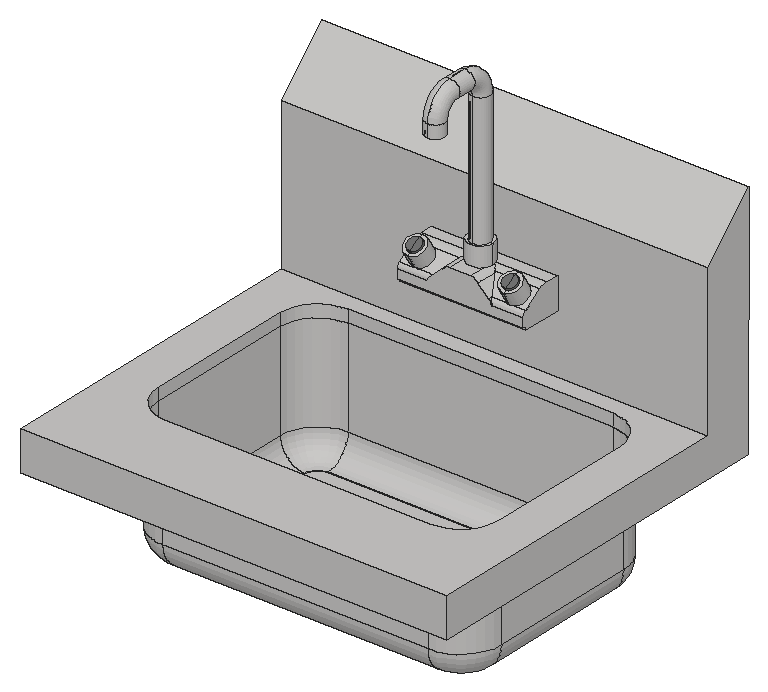
Revit family "QF_Vollrath_K1410-C", category Specialty Equipment, Revit 2016
Family settings
  Part Type = Normal
  Round Connector Dimension = Use Diameter
  OmniClass Number = 23.40.40.14.31
  OmniClass Title = Cleaning and Disposal Equipment
  Work Plane-Based = Yes
  Always vertical = Yes
  Cut with Voids When Loaded = No
  Shared = No
  Room Calculation Point = No
Parameters
  Width = 1' - 5"
  Weight in Pounds = 0
  Watermarked By = "http://revitwatermark.com"
  URL Cutsheet = ""
  Status [instance] = ""
  Specification by User [instance] = ""
  Specification by Manufacturer [instance] = ""
  Sink Width = 1' - 1 9/16"
  Sink Depth = 0' - 9 1/16"
  Sink Basin Depth = 0' - 5 1/2"
  Serial Number [instance] = ""
  Seismic Rating [instance] = ""
  SMACNA No [instance] = ""
  Revision Code [instance] = ""
  Plumbing Remarks [instance] = ""
  Plumbing Connection Type [instance] = ""
  NAFEM Spec ID Number [instance] = ""
  Model = "K1410-C"
  Masterspec [instance] = ""
  Manufacturer = "Vollrath"
  Item Number [instance] = "-"
  Installed By [instance] = ""
  Hot Water Temperature [instance] = 110 °F
  Hot Water Size = 1/2"
  Hot Water RI Height [instance] = 0' - 0"
  Hot Water Flow [instance] = 0.00 GPM
  Hot Water Consumption [instance] = 0.00 GPM
  Hot Water Connection Height [instance] = 0' - 0"
  Furnished By [instance] = ""
  Foodservice Equipment Identifier [instance] = yes
  Direct Waste Size = 2"
  Direct Waste RI Height [instance] = 0' - 0"
  Direct Waste Flow [instance] = 0.00 GPM
  Direct Waste Connection Height [instance] = 0' - 0"
  Description = "Wall-Mount Hand Sink"  # constant formula
  Depth = 1' - 3"
  Default Elevation = 4' - 0"
  Cold Water Size = 1/2"
  Cold Water RI Height [instance] = 0' - 0"
  Cold Water Flow [instance] = 0.00 GPM
  Cold Water Consumption [instance] = ""
  Cold Water Connection Height [instance] = 0' - 0"
  CSI MasterFormat = ""
Reference planes (in)
  plane 1 "BACK": y = 0
  plane 2 "BOTTOM": z = 0
  plane 3 "LEFT": x = 0
  plane 4 "RIGHT": x = 17
  plane 5 "FRONT": y = -15
  plane 6 "center 4": x = 8.5
  plane 7 "center": y = -7.25
  plane 8: y = -2
  plane 9 "center 3": y = -2.71875
  plane 10: y = -11.78125
  plane 11: x = 1.71875
  plane 12: x = 15.28125
  plane 13 "TOP": z = 8
  plane 14 "Sink Bottom": z = -5.5
  plane 15 "Bottom of Skirt": z = -1.5625
  plane 16 "PIPE 1": z = -7.5
  plane 17 "CENTER 1": x = 5.66667
  plane 18 "CENTER 2": x = 11.33333
  plane 19 "LEFT1": x = 6
  plane 20: x = 11
  plane 21 "FAUCET 1": z = 2.5
  plane 22: through (-240, -3.23915, 3.29975) normal (0, 0.848, 0.53)
  plane 23 "handle 1": x = 6.60093
  plane 24 "hsndle 2": x = 10.39907
Forms (in)
  Extrusion 1, solid, material "QF_Finishes_Stainless Steel"
    sketch origin (0, 0, -5.5) x (0, 1, 0) y (0, 0, 1)
      loop
        line (0, 13.5) -> (-2, 11.5) -> (-2, 3.9375) -> (0, 3.9375) -> (0, 13.5)
    from 0 to 17
  Extrusion 2, solid, material "QF_Finishes_Stainless Steel"
    sketch origin (0, 0, 0) x (1, 0, 0) y (0, 1, 0)
      loop
        line (0, -2) -> (0, -15) -> (17, -15) -> (17, -2) -> (0, -2)
      loop
        arc (3.21875, -2.71875) -> (2.15809, -3.15809) -> (1.71875, -4.21875) r 1.5
        line (1.71875, -4.21875) -> (1.71875, -10.28125)
        arc (1.71875, -10.28125) -> (2.15809, -11.34191) -> (3.21875, -11.78125) r 1.5
        line (3.21875, -11.78125) -> (13.78125, -11.78125)
        arc (13.78125, -11.78125) -> (14.84191, -11.34191) -> (15.28125, -10.28125) r 1.5
        line (15.28125, -10.28125) -> (15.28125, -4.21875)
        arc (15.28125, -4.21875) -> (14.84191, -3.15809) -> (13.78125, -2.71875) r 1.5
        line (13.78125, -2.71875) -> (3.21875, -2.71875)
    from 0 to -0.5
  Extrusion 3, void
    sketch origin (0, 0, -5.5) x (1, 0, 0) y (0, 0, 1)
      loop
        circle (10.5, 8.5) r 0.5
      loop
        circle (6.5, 8.5) r 0.5
    from 0 to 2
  Sweep 4, solid, material "QF_Finishes_Stainless Steel"
    path origin (0, 0, 0) x (1, 0, 0) y (0, 1, 0)
      loop
        arc (3.21875, -2.71875) -> (2.15809, -3.15809) -> (1.71875, -4.21875) r 1.5
        line (1.71875, -4.21875) -> (1.71875, -10.28125)
        arc (1.71875, -10.28125) -> (2.15809, -11.34191) -> (3.21875, -11.78125) r 1.5
        line (3.21875, -11.78125) -> (13.78125, -11.78125)
        arc (13.78125, -11.78125) -> (14.84191, -11.34191) -> (15.28125, -10.28125) r 1.5
        line (15.28125, -10.28125) -> (15.28125, -4.21875)
        arc (15.28125, -4.21875) -> (14.84191, -3.15809) -> (13.78125, -2.71875) r 1.5
        line (13.78125, -2.71875) -> (3.21875, -2.71875)
    profile origin (8.5, -2.71875, 0) x (0, 1, 0) y (0, 0, 1)
      loop
        line (0, -0.5) -> (0, -4.375)
        arc (0, -4.375) -> (-0.29289, -5.08211) -> (-1, -5.375) r 1
        line (-1, -5.375) -> (-1, -5.5)
        arc (-1, -5.5) -> (-0.2045, -5.1705) -> (0.125, -4.375) r 1.125
        line (0.125, -4.375) -> (0.125, -0.5) -> (0, -0.5)
  Extrusion 5, solid, material "QF_Finishes_Stainless Steel"
    sketch origin (0, 0, -5.5) x (-1, 0, 0) y (0, -1, 0)
      loop
        line (-13.78125, 3.71875) -> (-3.21875, 3.71875)
        arc (-3.21875, 3.71875) -> (-2.8652, 3.8652) -> (-2.71875, 4.21875) r 0.5
        line (-2.71875, 4.21875) -> (-2.71875, 10.28125)
        arc (-2.71875, 10.28125) -> (-2.8652, 10.6348) -> (-3.21875, 10.78125) r 0.5
        line (-3.21875, 10.78125) -> (-13.78125, 10.78125)
        arc (-13.78125, 10.78125) -> (-14.1348, 10.6348) -> (-14.28125, 10.28125) r 0.5
        line (-14.28125, 10.28125) -> (-14.28125, 4.21875)
        arc (-14.28125, 4.21875) -> (-14.1348, 3.8652) -> (-13.78125, 3.71875) r 0.5
      loop
        circle (-8.5, 7.25) r 1
    from 0 to 0.125
  Extrusion 6, solid, material "QF_Finishes_Stainless Steel"
    sketch origin (0, 0, -1.5625) x (-1, 0, 0) y (0, -1, 0)
      loop
        line (0, 2) -> (0, 15) -> (-17, 15) -> (-17, 2) -> (-16.75, 2) -> (-16.75, 14.75) -> (-0.25, 14.75) -> (-0.25, 2) -> (0, 2)
    from 0 to 1.0625
  Extrusion 7, solid, material "QF_Finishes_Stainless Steel"
    sketch origin (6, 0, 0) x (0, 1, 0) y (0, 0, 1)
      loop
        line (-2, 3.625) -> (-2.53209, 3.625)
        arc (-2.53209, 3.625) -> (-2.71152, 3.59978) -> (-2.87704, 3.52607) r 0.65086
        line (-2.87704, 3.52607) -> (-3.60125, 3.07344)
        arc (-3.60125, 3.07344) -> (-3.68741, 2.98263) -> (-3.71875, 2.86144) r 0.25
        line (-3.71875, 2.86144) -> (-3.71875, 2.5) -> (-3.59375, 2.5) -> (-3.59375, 2.375) -> (-2, 2.375) -> (-2, 3.625)
    from 0 to 5
  Extrusion 8, solid, material "QF_Finishes_Stainless Steel"
    sketch origin (0, 0, 0) x (1, 0, 0) y (0, 0, 1)
      loop
        arc (8.08041, 3.625) -> (7.91541, 3.59218) -> (7.77553, 3.49872) r 0.43115
        line (7.77553, 3.49872) -> (7.29307, 3.01626)
        arc (7.29307, 3.01626) -> (7.21525, 2.89979) -> (7.18792, 2.7624) r 0.35901
        line (7.18792, 2.7624) -> (7.18792, 2.5) -> (9.75013, 2.5) -> (9.75013, 2.80672)
        arc (9.75013, 2.80672) -> (9.72066, 2.95487) -> (9.63674, 3.08047) r 0.38715
        line (9.63674, 3.08047) -> (9.21488, 3.50233)
        arc (9.21488, 3.50233) -> (9.079, 3.59312) -> (8.91873, 3.625) r 0.41881
        line (8.91873, 3.625) -> (8.08041, 3.625)
    from 0 to 3.71875
  Revolve 9, solid, material "QF_Finishes_Stainless Steel"
    sketch origin (-10.68365, -2.71875, 48) x (-1, 0, 0) y (0, 0, 1)
      loop
        line (-19.18365, -44.375) -> (-18.68365, -44.375) -> (-18.68365, -43.625) -> (-18.80865, -43.625) -> (-18.80865, -43.75) -> (-19.18365, -43.75) -> (-19.18365, -44.375)
      axis (-19.18365, -43.625) -> (-19.18365, -44.375)
    angle from 0 to 360
  Sweep 10, solid, material "QF_Finishes_Stainless Steel"
    path origin (8.5, 0, 0) x (0, 1, 0) y (0, 0, 1)
      loop
        line (-2.71875, 4.375) -> (-2.71875, 9.625)
        arc (-2.71875, 9.625) -> (-2.93842, 10.15533) -> (-3.46875, 10.375) r 0.75
        line (-3.46875, 10.375) -> (-4.21875, 10.375)
        arc (-4.21875, 10.375) -> (-4.74908, 10.15533) -> (-4.96875, 9.625) r 0.75
        line (-4.96875, 9.625) -> (-4.96875, 9.125)
    profile origin (8.5, -2.71875, 7) x (0, -1, 0) y (1, 0, 0)
      loop
        circle (0, 0) r 0.375
      loop
        circle (0, 0) r 0.3125
  Revolve 11, solid, material "QF_Finishes_Stainless Steel"
    sketch origin (6.60093, 0, 0) x (0, 0, -1) y (0, -1, 0)
      loop
        line (-4.07897, 3.2226) -> (-3.52607, 2.87704) -> (-3.29975, 3.23915) -> (-3.74665, 3.51846) -> (-3.89887, 3.27492) -> (-4.00487, 3.34117) -> (-4.07897, 3.2226)
      axis (-3.85265, 3.58471) -> (-3.29975, 3.23915)
    angle from 0 to 360
  Revolve 12, solid, material "QF_Finishes_Stainless Steel"
    sketch origin (10.39907, 0, 0) x (0, 0, -1) y (0, -1, 0)
      loop
        line (-3.29975, 3.23915) -> (-3.74665, 3.51846) -> (-3.89887, 3.27492) -> (-4.00487, 3.34117) -> (-4.07899, 3.22257) -> (-3.52609, 2.87701) -> (-3.29975, 3.23915)
      axis (-3.29975, 3.23915) -> (-3.85265, 3.58471)
    angle from 0 to 360
  Revolve 13, solid, material "QF_Finishes_Rubber Black"
    sketch origin (6.60093, 0, 0) x (0, 0, -1) y (0, -1, 0)
      loop
        line (-3.85265, 3.58471) -> (-3.90565, 3.61783) -> (-4.05787, 3.37429) -> (-4.00487, 3.34117) -> (-3.85265, 3.58471)
      axis (-3.85265, 3.58471) -> (-3.90565, 3.61783)
    angle from 0 to 360
  Revolve 14, solid, material "QF_Finishes_Rubber Black"
    sketch origin (10.39907, 0, 0) x (0, 0, -1) y (0, -1, 0)
      loop
        line (-3.85265, 3.58471) -> (-3.90565, 3.61783) -> (-4.05787, 3.37429) -> (-4.00487, 3.34117) -> (-3.85265, 3.58471)
      axis (-3.85265, 3.58471) -> (-3.90565, 3.61783)
    angle from 0 to 360
Cuts and joins
  Extrusion 3 cuts Extrusion 1
  Extrusion 3 cuts Extrusion 2
  joined: Extrusion 1, Extrusion 2, Extrusion 6
  joined: Extrusion 7, Extrusion 8
Lines and regions (in)
  symbolic lines
    curve 1: line (0, 0, -1.5625) -> (17, 0, -1.5625)
    curve 2: line (0, -15, -1.5625) -> (0, 0, -1.5625)
    curve 3: line (17, -15, -1.5625) -> (0, -15, -1.5625)
    curve 4: line (17, 0, -1.5625) -> (17, -15, -1.5625)
  symbolic lines, style "QF_Surface Details"
    curve 5: line (0, -2, -1.5625) -> (17, -2, -1.5625)
    curve 6: line (13.78125, -2.71875, -1.5625) -> (3.21875, -2.71875, -1.5625)
    curve 7: arc (1.71875, -4.21875, -1.5625) -> (2.15809, -3.15809, -1.5625) -> (3.21875, -2.71875, -1.5625) r 1.5
    curve 8: line (1.71875, -4.21875, -1.5625) -> (1.71875, -10.28125, -1.5625)
    curve 9: arc (3.21875, -11.78125, -1.5625) -> (2.15809, -11.34191, -1.5625) -> (1.71875, -10.28125, -1.5625) r 1.5
    curve 10: line (3.21875, -11.78125, -1.5625) -> (13.78125, -11.78125, -1.5625)
    curve 11: arc (15.28125, -10.28125, -1.5625) -> (14.84191, -11.34191, -1.5625) -> (13.78125, -11.78125, -1.5625) r 1.5
    curve 12: line (15.28125, -10.28125, -1.5625) -> (15.28125, -4.21875, -1.5625)
    curve 13: arc (13.78125, -2.71875, -1.5625) -> (14.84191, -3.15809, -1.5625) -> (15.28125, -4.21875, -1.5625) r 1.5
    curve 14: circle (8.5, -7.25, -1.5625) r 1 normal (0, 0, -1)
Dimensions and locks (in)
  "Width": plane 3 "LEFT" to plane 4 "RIGHT"
  "Depth": plane 5 "FRONT" to plane 1 "BACK"
  locked: plane 8 to plane 1 "BACK" at 2
  equal spacing: plane 9 "center 3", plane 7 "center", plane 10
  "Sink Depth": plane 9 "center 3" to plane 10
  equal spacing: plane 3 "LEFT", plane 6 "center 4", plane 4 "RIGHT"
  equal spacing: plane 11, plane 6 "center 4", plane 12
  "Sink Width": plane 11 to plane 12
  locked: plane 13 "TOP" to level at 8
  "Sink Basin Depth": level to plane 14 "Sink Bottom"
  locked: Extrusion 1 sketch curve to plane 13 "TOP" at 2
  locked: Extrusion 3 sketch curve to level at 3  (x2)
  locked: Extrusion 3 sketch curve to plane 6 "center 4" at 2
  locked: plane 6 "center 4" to Extrusion 3 sketch curve at 2
  locked: level to plane 15 "Bottom of Skirt" at 1.5625
  locked: level to Sweep 4 sketch curve at 0.5
  locked: Sweep 4 sketch curve to plane 9 "center 3" at 0.125
  locked: plane 14 "Sink Bottom" to Sweep 4 sketch curve at 0.125
  plane 11 to plane 12 = 1' - 1 9/16"
  plane 9 "center 3" to plane 10 = 0' - 9 1/16"
  locked: plane 3 "LEFT" to Extrusion 6 sketch curve at 0.25
  locked: plane 5 "FRONT" to Extrusion 6 sketch curve at 0.25
  locked: Extrusion 6 sketch curve to plane 4 "RIGHT" at 0.25
  locked: plane 8 to plane 9 "center 3" at 0.71875
  equal spacing: plane 3 "LEFT", plane 17 "CENTER 1", plane 18 "CENTER 2", plane 4 "RIGHT"
  aligned and locked: level to plane 2 "BOTTOM"
  aligned and locked: plane 4 "RIGHT" to Extrusion 1
  aligned: plane 9 "center 3" to cut or joined group of Extrusion 1, Extrusion 2, Extrusion 3, Extrusion 6
  aligned and locked: Extrusion 3 to plane 8
  aligned and locked: plane 1 "BACK" to Extrusion 1 sketch curve
  aligned and locked: plane 8 to Extrusion 1 sketch curve
  aligned and locked: plane 3 "LEFT" to Extrusion 2 sketch curve
  aligned and locked: Extrusion 2 sketch curve to plane 8
  aligned and locked: Extrusion 2 sketch curve to plane 4 "RIGHT"
  aligned and locked: Extrusion 2 sketch curve to plane 5 "FRONT"
  aligned and locked: Extrusion 2 sketch curve to plane 9 "center 3"
  aligned and locked: plane 11 to Extrusion 2 sketch curve
  aligned and locked: plane 10 to Extrusion 2 sketch curve
  aligned and locked: Extrusion 2 sketch curve to plane 12
  aligned and locked: Sweep 4 sketch curve to plane 9 "center 3"
  aligned and locked: plane 11 to Sweep 4 sketch curve
  aligned and locked: plane 10 to Sweep 4 sketch curve
  aligned and locked: Sweep 4 sketch curve to plane 12
  aligned and locked: plane 9 "center 3" to Sweep 4 sketch curve
  aligned and locked: plane 14 "Sink Bottom" to Sweep 4 sketch curve
  aligned and locked: Extrusion 5 sketch curve to Sweep 4  (x4)
  aligned and locked: plane 8 to Extrusion 6 sketch curve  (x2)
  aligned and locked: plane 4 "RIGHT" to Extrusion 6 sketch curve
  aligned and locked: plane 5 "FRONT" to Extrusion 6 sketch curve
  aligned and locked: Extrusion 6 sketch curve to plane 3 "LEFT"
  aligned and locked: Extrusion 1 sketch curve to plane 15 "Bottom of Skirt"
  aligned and locked: plane 20 to Extrusion 7
  aligned and locked: Revolve 9 sketch curve to plane 6 "center 4"
Automatic sketch dimensions
  Extrusion 1 sketch curve to Extrusion 1 sketch curve = 0' - 2"
  plane 11 to Extrusion 2 sketch curve = 0' - 1 1/2"  (x2)
  plane 10 to Extrusion 2 sketch curve = 0' - 1 1/2"
  Extrusion 2 sketch curve to plane 12 = 0' - 1 1/2"
  plane 11 to Sweep 4 sketch curve = 0' - 1 1/2"  (x2)
  Sweep 4 sketch curve to plane 12 = 0' - 1 1/2"
  Sweep 4 sketch curve to plane 9 "center 3" = 0' - 1 1/2"
  Sweep 4 sketch curve to Sweep 4 sketch curve = 0' - 1"
  Extrusion 7 sketch curve to plane 8 = 0' - 0"
  plane 9 "center 3" to Extrusion 7 sketch curve = 0' - 0.18666"
  Extrusion 7 sketch curve to plane 9 "center 3" = 0' - 0.15829"
  Extrusion 7 sketch curve to plane 9 "center 3" = 0' - 0 3/4"
  Extrusion 7 sketch curve to Extrusion 7 sketch curve = 0' - 0 1/8"  (x2)
  Extrusion 7 sketch curve to Extrusion 7 sketch curve = 0' - 0.1325"
  Extrusion 7 sketch curve to Extrusion 7 sketch curve = 0' - 0.1175"
  level to Extrusion 7 sketch curve = 0' - 2 3/8"
  Extrusion 7 sketch curve to Extrusion 7 sketch curve = 0' - 0.36144"
  Extrusion 7 sketch curve to Extrusion 7 sketch curve = 0' - 0.59914"
  Extrusion 7 sketch curve to Extrusion 7 sketch curve = 0' - 0.55193"
  Extrusion 8 sketch curve to plane 21 "FAUCET 1" = 0' - 0"
  Extrusion 8 sketch curve to plane 6 "center 4" = 0' - 1.31208"
  Extrusion 8 sketch curve to Extrusion 8 sketch curve = 0' - 0.10515"
  Extrusion 8 sketch curve to Extrusion 8 sketch curve = 0' - 0.25386"
  Extrusion 8 sketch curve to Extrusion 8 sketch curve = 0' - 0.48246"
  Extrusion 8 sketch curve to plane 6 "center 4" = 0' - 0.41959"
  plane 6 "center 4" to Extrusion 8 sketch curve = 0' - 0.41873"
  Extrusion 8 sketch curve to Extrusion 8 sketch curve = 0' - 0.29615"
  Extrusion 8 sketch curve to Extrusion 8 sketch curve = 0' - 0.44426"
  Extrusion 8 sketch curve to plane 21 "FAUCET 1" = 0' - 0.58047"
  Extrusion 8 sketch curve to Extrusion 8 sketch curve = 0' - 0.27375"
  Extrusion 8 sketch curve to Extrusion 8 sketch curve = 0' - 0.38715"
  Extrusion 8 sketch curve to plane 21 "FAUCET 1" = 0' - 0.2624"
  Extrusion 8 sketch curve to Extrusion 8 sketch curve = 0' - 0.43145"
  Extrusion 8 sketch curve to Extrusion 8 sketch curve = 0' - 0.01234"
  Extrusion 8 sketch curve to Extrusion 8 sketch curve = 0' - 0.30487"
  Extrusion 5 sketch curve to plane 7 "center" = 0' - 0"
  Extrusion 5 sketch curve to Extrusion 5 sketch curve = 0' - 0 1/2"  (x4)
  Revolve 9 sketch curve to plane 6 "center 4" = 0' - 0"
  Revolve 9 sketch curve to Revolve 9 sketch curve = 0' - 0 3/8"
  Revolve 9 sketch curve to Revolve 9 sketch curve = 0' - 0 1/2"
  Revolve 9 sketch curve to plane 21 "FAUCET 1" = 0' - 1 1/8"
  Revolve 9 sketch curve to Revolve 9 sketch curve = 0' - 0"
  Revolve 9 sketch curve to Revolve 9 sketch curve = 0' - 0 5/8"
  Revolve 9 sketch curve to Revolve 9 sketch curve = 0' - 0 1/8"  (x2)
  Sweep 10 sketch curve to plane 6 "center 4" = 0' - 0"
  Sweep 10 sketch curve to profile plane = 0' - 0"
  Sweep 10 sketch curve to Sweep 10 sketch curve = 0' - 0"  (x3)
  Sweep 10 sketch curve to plane 9 "center 3" = 0' - 0"
  Sweep 10 sketch curve to plane 9 "center 3" = 0' - 0 3/4"
  Sweep 10 sketch curve to Sweep 10 sketch curve = 0' - 0 3/4"
  Sweep 10 sketch curve to plane 21 "FAUCET 1" = 0' - 1 7/8"
  Sweep 10 sketch curve to plane 13 "TOP" = 0' - 1 1/8"
  Sweep 10 sketch curve to Sweep 10 sketch curve = 0' - 0 1/2"
  Revolve 12 sketch curve to plane 22 = 0' - 0"  (x4)
  plane 9 "center 3" to Revolve 12 sketch curve = 0' - 0.50382"
  Revolve 12 sketch curve to Revolve 12 sketch curve = 0' - 0.07412"
  plane 9 "center 3" to Revolve 12 sketch curve = 0' - 0.55617"
  plane 9 "center 3" to Revolve 12 sketch curve = 0' - 0.86596"
  plane 9 "center 3" to Revolve 12 sketch curve = 0' - 0.15826"
  plane 9 "center 3" to Revolve 12 sketch curve = 0' - 0.5204"  (x2)
  Revolve 14 sketch curve to plane 22 = 0' - 0"  (x4)
  plane 9 "center 3" to Revolve 14 sketch curve = 0' - 0.62242"
  Revolve 14 sketch curve to Revolve 14 sketch curve = 0' - 0.053"
  plane 9 "center 3" to Revolve 14 sketch curve = 0' - 0.93788"
  plane 9 "center 3" to Revolve 14 sketch curve = 0' - 0.86596"  (x2)
  Revolve 13 sketch curve to plane 22 = 0' - 0"  (x4)
  Revolve 13 sketch curve to plane 9 "center 3" = 0' - 0.65554"
  Revolve 13 sketch curve to plane 21 "FAUCET 1" = 0' - 1.55787"
  Revolve 13 sketch curve to plane 9 "center 3" = 0' - 0.96251"
  Revolve 13 sketch curve to plane 9 "center 3" = 0' - 0.62242"
  Revolve 13 sketch curve to plane 9 "center 3" = 0' - 0.88247"
  Revolve 11 sketch curve to plane 22 = 0' - 0"  (x4)
  Revolve 11 sketch curve to plane 9 "center 3" = 0' - 0.50385"
  Revolve 11 sketch curve to plane 9 "center 3" = 0' - 0.62242"
  Revolve 11 sketch curve to plane 9 "center 3" = 0' - 0.55617"
  Revolve 11 sketch curve to plane 9 "center 3" = 0' - 0.79971"
  Revolve 11 sketch curve to plane 9 "center 3" = 0' - 0.15829"
  Revolve 11 sketch curve to plane 9 "center 3" = 0' - 0.53471"
  Revolve 11 sketch curve to plane 9 "center 3" = 0' - 0.5204"
  Extrusion 5 sketch curve to plane 18 "CENTER 2" = 0' - 2.83333"
  plane 1 "BACK" to curve 1 = 0' - 0"
  curve 1 to plane 4 "RIGHT" = 0' - 0"
  curve 11 to plane 12 = 0' - 0"
  curve 6 to plane 9 "center 3" = 0' - 0"
  curve 11 to plane 10 = 0' - 0"
  curve 14 to plane 6 "center 4" = 0' - 0"
  curve 9 to plane 11 = 0' - 0"
  curve 3 to plane 3 "LEFT" = 0' - 0"
  curve 5 to plane 8 = 0' - 0"
  curve 14 to plane 7 "center" = 0' - 0"
  plane 5 "FRONT" to curve 3 = 0' - 0"
  curve 6 to plane 12 = 0' - 1 1/2"
  curve 11 to plane 12 = 0' - 1 1/2"
  plane 11 to curve 10 = 0' - 1 1/2"
  curve 7 to curve 8 = 0' - 1 1/2"
  radius of Extrusion 3 sketch curve = 0' - 0 1/2"  (x2)
  radius of Extrusion 5 sketch curve = 0' - 1"
  radius of Sweep 10 sketch curve = 0' - 0 3/8"
  radius of Sweep 10 sketch curve = 0' - 0 5/16"
  radius of curve 14 = 0' - 1"
Connectors (in)
  piping at (10.5, 0, 3), diameter 0.5, driven by "Cold Water Flow"
    settings: on cut or joined group of Extrusion 1, Extrusion 2, Extrusion 3, Extrusion 6, index 1, connector inside diameter 1/2", connector length 0' - 0", flow factor 0, pipe flow 0.00 GPM, pressure drop 0.00 psi, fitting loss kfactor 0, connector angle 0.00°, fixture units 0, engagement length 0' - 0", angle of deflection 0.00°, flow configuration 1, flow direction 1, fitting loss method 0, system type 20, joint type 0, gender type 0, connector reference index -1, connector utility 0, adjustable connector no, is connector primary yes, connector description "COLD WATER"
  piping at (6.5, 0, 3), diameter 0.5, driven by "Hot Water Flow"
    settings: on cut or joined group of Extrusion 1, Extrusion 2, Extrusion 3, Extrusion 6, index 2, connector inside diameter 1/2", connector length 0' - 0", flow factor 0, pipe flow 0.00 GPM, pressure drop 0.00 psi, fitting loss kfactor 0, connector angle 0.00°, fixture units 0, engagement length 0' - 0", angle of deflection 0.00°, flow configuration 1, flow direction 1, fitting loss method 0, system type 19, joint type 0, gender type 0, connector reference index -1, connector utility 0, adjustable connector no, is connector primary no, connector description "HOT WATER"
  piping at (8.5, -7.25, -5.5), diameter 2, driven by "Direct Waste Flow"
    settings: on Extrusion 5, index 3, connector inside diameter 2", connector length 0' - 0", flow factor 0, pipe flow 0.00 GPM, pressure drop 0.00 psi, fitting loss kfactor 0, connector angle 0.00°, fixture units 0, engagement length 0' - 0", angle of deflection 0.00°, flow configuration 1, flow direction 2, fitting loss method 0, system type 16, joint type 0, gender type 0, connector reference index -1, connector utility 0, adjustable connector no, is connector primary no, connector description "DW"
